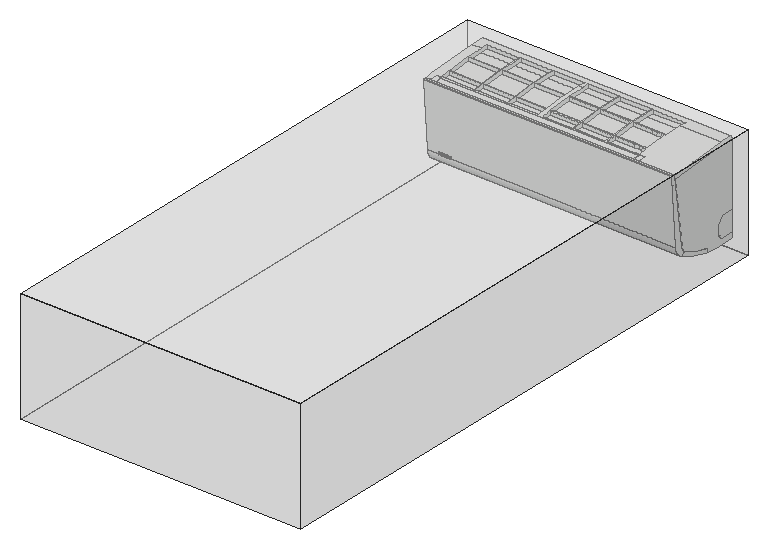
Revit family "outputfile", category 機械設備, Revit 2024
Family settings
  丸型コネクタ寸法 = 半径を使用
  パーツ タイプ = 標準
  OmniClass 番号 = 23.75.10.24.21.27.27
  OmniClass タイトル = Split System Air Conditioning Units
  作業面ベース = いいえ
  常に垂直 = はい
  ロード時にボイドで切り取り = いいえ
  注釈の向きを維持 = いいえ
  共有 = いいえ
  部屋計算ポイント = いいえ
Parameters (values of type "FTKF35CV1MF")
  Description = ""
  書き出し IFC クラス(タイプ) = "IfcUnitaryEquipmentType"
  定義済み IFC タイプ(タイプ) = "AIRCONDITIONINGUNIT"
  Cost = 0
  Type Comments = ""
  Keynote = ""
  Type Image = (empty or 0)
  Assembly Code = ""
  switch_frequency = yes
  lw_connection [instance] = if(Width = 730.0 mm, 85.0 mm, if(Width = 770.0 mm, 48.0 mm, 60.0 mm))  # 48.0 mm
  製造元 = "Daikin"
  モデル = "FTKF35CV1MF"
  r_Liquid Pipe Size = Liquid Pipe Size / 2  # 3.2 mm
  r_Gas Pipe Size = Gas Pipe Size / 2  # 4.75 mm
  r_Drain Pipe Size = Drain Pipe Size / 2  # 9.55 mm
  lw_powersupply [instance] = if(Width = 730.0 mm, if(or(Rear Right Connection_refrigerant, Bottom Right Connection_refrigerant), 65.0 mm, if(or(Rear Left Connection_refrigerant, Bottom Left Connection_refrigerant), 695.0 mm, 400.0 mm)), if(Width = 770.0 mm, if(or(Rear Right Connection_refrigerant, Bottom Right Connection_refrigerant), 68.0 mm, if(or(Rear Left Connection_refrigerant, Bottom Left Connection_refrigerant), 705.0 mm, 400.0 mm)), if(or(Rear Right Connection_refrigerant, Bottom Right Connection_refrigerant), 83.0 mm, if(or(Rear Left Connection_refrigerant, Bottom Left Connection_refrigerant), 928.0 mm, 400.0 mm))))  # 400.0 mm
  lw_liquidpipe [instance] = if(Width = 730.0 mm, if(or(Rear Right Connection_refrigerant, Bottom Right Connection_refrigerant), 0.0 mm, if(or(Rear Left Connection_refrigerant, Bottom Left Connection_refrigerant), 582.0 mm, 473.0 mm)), if(Width = 770.0 mm, if(or(Rear Right Connection_refrigerant, Bottom Right Connection_refrigerant), 0.0 mm, if(or(Rear Left Connection_refrigerant, Bottom Left Connection_refrigerant), 682.0 mm, 385.0 mm)), if(or(Rear Right Connection_refrigerant, Bottom Right Connection_refrigerant), 10.0 mm, if(or(Rear Left Connection_refrigerant, Bottom Left Connection_refrigerant), 858.0 mm, 435.0 mm))))  # 385.0 mm
  lw_gaspipe [instance] = if(Width = 730.0 mm, if(or(Rear Right Connection_refrigerant, Bottom Right Connection_refrigerant), 0.0 mm, if(or(Rear Left Connection_refrigerant, Bottom Left Connection_refrigerant), 576.0 mm, 428.0 mm)), if(Width = 770.0 mm, if(or(Rear Right Connection_refrigerant, Bottom Right Connection_refrigerant), 0.0 mm, if(or(Rear Left Connection_refrigerant, Bottom Left Connection_refrigerant), 675.0 mm, 335.0 mm)), if(or(Rear Right Connection_refrigerant, Bottom Right Connection_refrigerant), 0.0 mm, if(or(Rear Left Connection_refrigerant, Bottom Left Connection_refrigerant), 851.0 mm, 400.0 mm))))  # 335.0 mm
  lw_drainpipe [instance] = if(Width = 730.0 mm, if(or(Rear Right Connection_refrigerant, Bottom Right Connection_refrigerant), 0.0 mm, if(or(Rear Left Connection_refrigerant, Bottom Left Connection_refrigerant), 590.0 mm, 488.0 mm)), if(Width = 770.0 mm, if(or(Rear Right Connection_refrigerant, Bottom Right Connection_refrigerant), 0.0 mm, if(or(Rear Left Connection_refrigerant, Bottom Left Connection_refrigerant), 695.0 mm, 440.0 mm)), if(or(Rear Right Connection_refrigerant, Bottom Right Connection_refrigerant), 0.0 mm, if(or(Rear Left Connection_refrigerant, Bottom Left Connection_refrigerant), 888.0 mm, 475.0 mm))))  # 440.0 mm
  l_powersupply_length [instance] = if(Width = 730.0 mm, if(Right Connection_refrigerant, 400.0 mm, if(Left Connection_refrigerant, 330.0 mm, if(or(Bottom Left Connection_refrigerant, Bottom Right Connection_refrigerant), 57.0 mm, if(or(Rear Left Connection_refrigerant, Rear Right Connection_refrigerant), 15.0 mm, 50.0 mm)))), if(Width = 770.0 mm, if(Right Connection_refrigerant, 400.0 mm, if(Left Connection_refrigerant, 370.0 mm, if(or(Bottom Left Connection_refrigerant, Bottom Right Connection_refrigerant), 57.0 mm, if(or(Rear Left Connection_refrigerant, Rear Right Connection_refrigerant), 15.0 mm, 50.0 mm)))), if(Right Connection_refrigerant, 400.0 mm, if(Left Connection_refrigerant, 590.0 mm, if(or(Bottom Left Connection_refrigerant, Bottom Right Connection_refrigerant), 57.0 mm, if(or(Rear Left Connection_refrigerant, Rear Right Connection_refrigerant), 15.0 mm, 50.0 mm))))))  # 400.0 mm
  l_liquidpipe_length [instance] = if(Width = 730.0 mm, if(Right Connection_refrigerant, 558.0 mm, if(Left Connection_refrigerant, 172.0 mm, if(or(Bottom Left Connection_refrigerant, Bottom Right Connection_refrigerant), 48.0 mm, if(or(Rear Left Connection_refrigerant, Rear Right Connection_refrigerant), 30.0 mm, 40.0 mm)))), if(Width = 770.0 mm, if(Right Connection_refrigerant, 433.0 mm, if(Left Connection_refrigerant, 337.0 mm, if(or(Bottom Left Connection_refrigerant, Bottom Right Connection_refrigerant), 48.0 mm, if(or(Rear Left Connection_refrigerant, Rear Right Connection_refrigerant), 30.0 mm, 40.0 mm)))), if(Right Connection_refrigerant, 495.0 mm, if(Left Connection_refrigerant, 495.0 mm, if(or(Bottom Left Connection_refrigerant, Bottom Right Connection_refrigerant), 48.0 mm, if(or(Rear Left Connection_refrigerant, Rear Right Connection_refrigerant), 30.0 mm, 40.0 mm))))))  # 433.0 mm
  l_gaspipe_length [instance] = if(Width = 730.0 mm, if(Right Connection_refrigerant, 513.0 mm, if(Left Connection_refrigerant, 217.0 mm, if(or(Bottom Left Connection_refrigerant, Bottom Right Connection_refrigerant), 57.0 mm, if(or(Rear Left Connection_refrigerant, Rear Right Connection_refrigerant), 40.0 mm, 50.0 mm)))), if(Width = 770.0 mm, if(Right Connection_refrigerant, 383.0 mm, if(Left Connection_refrigerant, 387.0 mm, if(or(Bottom Left Connection_refrigerant, Bottom Right Connection_refrigerant), 57.0 mm, if(or(Rear Left Connection_refrigerant, Rear Right Connection_refrigerant), 40.0 mm, 50.0 mm)))), if(Right Connection_refrigerant, 460.0 mm, if(Left Connection_refrigerant, 530.0 mm, if(or(Bottom Left Connection_refrigerant, Bottom Right Connection_refrigerant), 57.0 mm, if(or(Rear Left Connection_refrigerant, Rear Right Connection_refrigerant), 40.0 mm, 50.0 mm))))))  # 383.0 mm
  l_drainpipe_length [instance] = if(Width = 730.0 mm, if(Right Connection_refrigerant, 573.0 mm, if(Left Connection_refrigerant, 157.0 mm, if(or(Bottom Left Connection_refrigerant, Bottom Right Connection_refrigerant), 35.0 mm, if(or(Rear Left Connection_refrigerant, Rear Right Connection_refrigerant), 15.0 mm, 20.0 mm)))), if(Width = 770.0 mm, if(Right Connection_refrigerant, 488.0 mm, if(Left Connection_refrigerant, 282.0 mm, if(or(Bottom Left Connection_refrigerant, Bottom Right Connection_refrigerant), 35.0 mm, if(or(Rear Left Connection_refrigerant, Rear Right Connection_refrigerant), 15.0 mm, 20.0 mm)))), if(Right Connection_refrigerant, 535.0 mm, if(Left Connection_refrigerant, 455.0 mm, if(or(Bottom Left Connection_refrigerant, Bottom Right Connection_refrigerant), 35.0 mm, if(or(Rear Left Connection_refrigerant, Rear Right Connection_refrigerant), 15.0 mm, 20.0 mm))))))  # 488.0 mm
  h*** = 0.0 mm  # constant formula
  connector_voltage = Voltage_50Hz  # 230 V
  connector_powerinput = [Power Input (Cooling)]  # 1.175 kW
  connector_phase = Phase_50Hz  # 1
  angle_vertical [instance] = if(or(Bottom Left Connection_refrigerant, Bottom Right Connection_refrigerant), 0.00°, 90.00°)  # 90.00°
  angle_horizontal [instance] = if(Right Connection_refrigerant, 90.00°, if(Left Connection_refrigerant, -90.00°, if(or(Rear Left Connection_refrigerant, Rear Right Connection_refrigerant), 180.00°, 0.00°)))  # 90.00°
  Width = 770.0 mm
  Voltage_comment_50Hz = "220 - 240"
  Voltage_50Hz = 230 V
  Version = "ver.1.0"
  Unit Type = "Wall Mounted"
  Unit Mass Weight = 9.00 kg
  Unit Designation [instance] = ""
  Uniclass2015Version = "Products v1.30"
  Uniclass2015Title = "Split coil room air conditioning units"
  Uniclass2015Code = "Pr_70_65_03_86"
  URL = ""
  Total Cooling Capacity [instance] = 0.000 kW
  Sound Pressure Level_M speed (dBA) = 34
  Sound Pressure Level_L speed (dBA) = 26
  Sound Pressure Level_H speed (dBA) = 39
  Sound Power Level_H speed (dB) = 0
  Series = "Single Split_Fan Coil Unit"
  Sensible Cooling Capacity [instance] = 0.000 kW
  Refrigerant Type = "R32"
  Power Input (Cooling) = 1.175 kW
  Phase_50Hz = 1
  Option Accessory 3 [instance] = ""
  Option Accessory 2 [instance] = ""
  Option Accessory 1 [instance] = ""
  Nominal Cooling Capacity = 3.600 kW
  Minimum Circuit Amps_50Hz = 10.5 A
  Minimum Airflow = 425.00 m³/h
  Median Airflow = 561.00 m³/h
  Maximum Fuse Amps_50Hz = 16.0 A
  Maximum Airflow = 680.00 m³/h
  Material_Casing = DAIKIN_White_Casing_indoorunit
  Load Classification = HVAC
  Liquid Pipe Size = 6.4 mm
  Link_Nested Family [instance] = ""
  IfcVersion = ""
  IfcExportType = "AIRCONDITIONINGUNIT"
  IfcExportAs = "IfcUnitaryEquipmentType"
  Height = 288.0 mm
  Heat Exchanger Type = "Cross Fin Coil"
  Gas Pipe Size = 9.5 mm
  Frequency_50Hz = 50 Hz
  Fan Type = "Cross Flow Fan"
  Fan Drive = "Direct Drive"
  FCU Tag No. [instance] = ""
  Drain Pipe Size = 19.1 mm
  Design Supply Airflow [instance] = 0.00 m³/h
  Depth = 234.0 mm
  既定の高さ = 0.0 mm
  Cooling Entering Wet Bulb Temperature [instance] = 0.00 °C
  Cooling Entering Dry Bulb Temperature [instance] = 0.00 °C
  Cooling Ambient Wet Bulb Temperature [instance] = 0.00 °C
  Cooling Ambient Dry Bulb Temperature [instance] = 0.00 °C
  Clearance visibility [instance] = yes
  Clearance Top = 30.0 mm
  Clearance Right = 50.0 mm
  Clearance Rear = 0.0 mm
  Clearance Left = 50.0 mm
  Clearance Front = 1500.0 mm
  Clearance Bottom = 30.0 mm
  Bottom Right Connection_refrigerant [instance] = no
  Bottom Left Connection_refrigerant [instance] = no
  Rear Right Connection_refrigerant [instance] = no
  Rear Left Connection_refrigerant [instance] = no
  Right Connection_refrigerant [instance] = yes
  Left Connection_refrigerant [instance] = no
Reference planes
  plane 1 "Back": y = 0
  plane 2: z = 0
  plane 3 "Center (Left/Right)": x = 0
  plane 4 "Center (Front/Back)": y = -117
  plane 5 "Front": y = -234
  plane 6 "Left": x = -385
  plane 7 "Right": x = 385
  plane 8 "Top": z = 0
  plane 9 "Bottom": z = -288
  plane 10 "Front panel_Left": x = -383
  plane 11 "Front panel_Right": x = 383
  plane 12: x = 249
  plane 13: x = 244
  plane 14: x = -435
  plane 15: x = 435
  plane 16: y = 0
  plane 17: y = -1734
  plane 18: z = 30
  plane 19: z = -318
  plane 20 "lw_Piping and Wiring intake": x = 337
  plane 21 "lw_gaspipe": x = 2
  plane 22 "lw_liquidpipe": x = -48
  plane 23 "lw_drainpipe": x = -103
  plane 24 "lh_drainpipe": z = -253
  plane 25 "lh_liquidpipe": z = -240
  plane 26 "lh_gaspipe": z = -231
  plane 27 "ld_drainpipe": y = -15
  plane 28 "ld_liquidpipe": y = -30
  plane 29 "ld_gaspipe": y = -40
  plane 30 "lw_powersupply": x = -15
Dimensions and locks
  equal spacing: plane 6 "Left", plane 3 "Center (Left/Right)", plane 7 "Right"
  "Width": plane 6 "Left" to plane 7 "Right"
  equal spacing: plane 5 "Front", plane 4 "Center (Front/Back)", plane 1 "Back"
  "Depth": plane 5 "Front" to plane 1 "Back"
  "Height": plane 8 "Top" to plane 9 "Bottom"
  locked: plane 10 "Front panel_Left" to plane 6 "Left" at 2
  locked: plane 7 "Right" to plane 11 "Front panel_Right" at 2
  locked: plane 7 "Right" to plane 12 at 136
  locked: plane 12 to plane 13 at 5
  "Clearance Rear": plane 16 to plane 1 "Back"
  "Clearance Front": plane 17 to plane 5 "Front"
  "Clearance Top": plane 18 to plane 8 "Top"
  "Clearance Bottom": plane 9 "Bottom" to plane 19
  "lw_connection": plane 20 "lw_Piping and Wiring intake" to plane 7 "Right"
  "lw_gaspipe": plane 21 "lw_gaspipe" to plane 20 "lw_Piping and Wiring intake"
  "lw_liquidpipe": plane 22 "lw_liquidpipe" to plane 20 "lw_Piping and Wiring intake"
  "lw_drainpipe": plane 23 "lw_drainpipe" to plane 20 "lw_Piping and Wiring intake"
  locked: plane 24 "lh_drainpipe" to plane 9 "Bottom" at 35
  locked: plane 25 "lh_liquidpipe" to plane 9 "Bottom" at 48
  locked: plane 26 "lh_gaspipe" to plane 9 "Bottom" at 57
  locked: plane 27 "ld_drainpipe" to plane 1 "Back" at 15
  locked: plane 1 "Back" to plane 28 "ld_liquidpipe" at 30
  locked: plane 1 "Back" to plane 29 "ld_gaspipe" at 40
  "lw_powersupply": plane 30 "lw_powersupply" to plane 7 "Right"
  "Clearance Left": plane 14 to plane 6 "Left"
  "Clearance Right": plane 7 "Right" to plane 15
  aligned and locked: level to plane 2
  aligned and locked: plane 19 to nested 1
  aligned and locked: plane 18 to nested 1
  aligned and locked: plane 21 "lw_gaspipe" to nested 2
  aligned and locked: nested 2 to plane 29 "ld_gaspipe"
  aligned and locked: plane 22 "lw_liquidpipe" to nested 3
  aligned and locked: nested 3 to plane 28 "ld_liquidpipe"
  aligned and locked: plane 23 "lw_drainpipe" to nested 4
  aligned and locked: nested 4 to plane 27 "ld_drainpipe"
  aligned and locked: nested 5 to plane 27 "ld_drainpipe"
  aligned and locked: plane 30 "lw_powersupply" to nested 5
  aligned and locked: level to plane 8 "Top"
  aligned and locked: nested 1 to plane 14
  aligned and locked: nested 1 to plane 15
  aligned and locked: plane 16 to nested 1
  aligned and locked: nested 1 to plane 17
Nested families
  nested 1: "daikin_clearancespace" at (0, -867, -143.881), show <- "Clearance visibility", visible <- "Clearance visibility", Link_Nested Family <- "Link_Nested Family", type "daikin_clearancespace"
    with width 870.0 mm, show yes, height 348.0 mm, depth 1734.0 mm, Link_Nested Family ""
  nested 2: "daikin_connector_rotate3" at (2, -40, -231), angle_vertical <- "angle_vertical", angle_horizontal <- "angle_horizontal", length <- "l_gaspipe_length", radius <- "r_Gas Pipe Size", type "daikin_connector_rotate3"
    with show no, radius 4.75 mm, length 383.0 mm, angle_vertical 90.00°, angle_horizontal 90.00°
  nested 3: "daikin_connector_rotate3" at (-48, -30, -240), angle_vertical <- "angle_vertical", angle_horizontal <- "angle_horizontal", radius <- "r_Liquid Pipe Size", length <- "l_liquidpipe_length", type "daikin_connector_rotate3"
    with show no, radius 3.2 mm, length 433.0 mm, angle_vertical 90.00°, angle_horizontal 90.00°
  nested 4: "daikin_connector_rotate3" at (-103, -15, -253), angle_vertical <- "angle_vertical", angle_horizontal <- "angle_horizontal", length <- "l_drainpipe_length", radius <- "r_Drain Pipe Size", type "daikin_connector_rotate3"
    with show no, radius 9.55 mm, length 488.0 mm, angle_vertical 90.00°, angle_horizontal 90.00°
  nested 5: "daikin_connector_rotate3" at (-15, -15, -231), angle_vertical <- "angle_vertical", angle_horizontal <- "angle_horizontal", length <- "l_powersupply_length", type "daikin_connector_rotate3"
    with show no, radius 10.0 mm, length 400.0 mm, angle_vertical 90.00°, angle_horizontal 90.00°
  nested 6: "DAIKIN_indoorunit_FTKF-CV1MF" at (-31, 0, 0), type "FTKF-CV1MF"
    with switch_unit1_35-50 yes, switch_unit1_20-25 no, Width 770.0 mm, WALL HOLE-R 48.0 mm, Height 288.0 mm
Connectors
  piping at (385, -40, -231), diameter 9.5, driven by "r_Gas Pipe Size"
    settings: on nested 2, index 1, connector inside diameter 609.6 mm, connector length 0.0 mm, flow factor 0, pipe flow 0.00 m³/h, pressure drop 0.0 Pa, fitting loss kfactor 0, connector angle 0.00°, fixture units 0, engagement length 0.0 mm, angle of deflection 0.00°, flow configuration 1, flow direction 2, fitting loss method 0, system type 29, joint type 0, gender type 0, connector reference index -1, connector utility 0, adjustable connector no, is connector primary yes, connector description "Refrigerant Gas Piping"
  piping at (385, -30, -240), diameter 6.4, driven by "r_Liquid Pipe Size"
    settings: on nested 3, index 2, connector inside diameter 609.6 mm, connector length 0.0 mm, flow factor 0, pipe flow 0.00 m³/h, pressure drop 0.0 Pa, fitting loss kfactor 0, connector angle 0.00°, fixture units 0, engagement length 0.0 mm, angle of deflection 0.00°, flow configuration 1, flow direction 1, fitting loss method 0, system type 29, joint type 0, gender type 0, connector reference index -1, connector utility 0, adjustable connector no, is connector primary no, connector description "Refrigerant Liquid Piping"
  piping at (385, -15, -253), diameter 19.1, driven by "r_Drain Pipe Size"
    settings: on nested 4, index 3, connector inside diameter 609.6 mm, connector length 0.0 mm, flow factor 0, pipe flow 0.00 m³/h, pressure drop 0.0 Pa, fitting loss kfactor 0, connector angle 0.00°, fixture units 0, engagement length 0.0 mm, angle of deflection 0.00°, flow configuration 1, flow direction 2, fitting loss method 4, system type 16, joint type 0, gender type 0, connector reference index -1, connector utility 0, adjustable connector no, is connector primary no, connector description "Condensate Drain Piping"
  electrical at (385, -15, -231), driven by "Load Classification", driven by "connector_powerinput", driven by "connector_phase", driven by "connector_voltage"
    settings: on nested 5, index 4, voltage 230 V, apparent load 1175 VA, apparent load phase1 0 VA, apparent load phase2 0 VA, apparent load phase3 0 VA, power factor 1, load classification "HVAC", number of poles 1, system type 30, power factor state 1, is connector primary yes, connector utility no, sub classification motor no, connector description "Power Supply"
Definition of nested family "daikin_clearancespace"
  Parameters (values of type "daikin_clearancespace")
    Description = "daikin_clearancespace"
    width [instance] = 1823.963 mm
    show [instance] = yes
    material = none
    height [instance] = 1359.762 mm
    depth [instance] = 880.0 mm
    Default Elevation = 0.0 mm
    Link_Nested Family [instance] = ""
  Reference planes
    plane 1 "Center (Front/Back)": y = 0
    plane 2 "Center (Elevation)": z = -0.119
    plane 3 "Center (Left/Right)": x = 0
    plane 4: y = 440
    plane 5: y = -440
    plane 6 "Right": x = 911.982
    plane 7 "Left": x = -911.982
    plane 8 "Top": z = 679.762
    plane 9 "Bottom": z = -680
  Forms (mm)
    Extrusion 1, solid, material <- "material", visible <- "show"
      sketch origin (0, 0, 0) x (1, 0, 0) y (0, 1, 0)
        loop
          line (-911.982, 440) -> (-911.982, -440) -> (911.982, -440) -> (911.982, 440) -> (-911.982, 440)
      from -680 to 679.762
  Lines and regions (mm)
    symbolic lines, visible <- "show"
      curve 1: line (911.982, 440, 0) -> (-911.982, 440, 0)
      curve 2: line (-911.982, 440, 0) -> (-911.982, -440, 0)
      curve 3: line (-911.982, -440, 0) -> (911.982, -440, 0)
      curve 4: line (911.982, -440, 0) -> (911.982, 440, 0)
      curve 5: line (911.982, 0, 679.762) -> (-911.982, 0, 679.762)
      curve 6: line (911.982, 0, -680) -> (911.982, 0, 679.762)
      curve 7: line (-911.982, 0, -680) -> (911.982, 0, -680)
      curve 8: line (-911.982, 0, 679.762) -> (-911.982, 0, -680)
      curve 9: line (0, 440, 679.762) -> (0, -440, 679.762)
      curve 10: line (0, -440, 679.762) -> (0, -440, -680)
      curve 11: line (0, 440, -680) -> (0, 440, 679.762)
      curve 12: line (0, -440, -680) -> (0, 440, -680)
  Dimensions and locks
    "width": plane 7 "Left" to plane 6 "Right"
    "depth": plane 4 to plane 5
    "height": plane 8 "Top" to plane 9 "Bottom"
    equal spacing: plane 7 "Left", plane 3 "Center (Left/Right)", plane 6 "Right"
    equal spacing: plane 4, plane 1 "Center (Front/Back)", plane 5
    equal spacing: plane 8 "Top", plane 2 "Center (Elevation)", plane 9 "Bottom"
    aligned and locked: level to plane 2 "Center (Elevation)"
    aligned and locked: Extrusion 1 sketch curve to plane 4
    aligned and locked: plane 7 "Left" to Extrusion 1 sketch curve
    aligned and locked: Extrusion 1 sketch curve to plane 5
    aligned and locked: Extrusion 1 sketch curve to plane 6 "Right"
    aligned and locked: plane 8 "Top" to Extrusion 1
    aligned and locked: curve 1 to Extrusion 1
    aligned and locked: curve 2 to Extrusion 1
    aligned and locked: curve 3 to Extrusion 1
    aligned and locked: curve 4 to Extrusion 1
    aligned and locked: curve 5 to Extrusion 1
    aligned and locked: curve 6 to Extrusion 1
    aligned and locked: curve 7 to Extrusion 1
    aligned and locked: curve 8 to Extrusion 1
    aligned and locked: curve 9 to Extrusion 1
    aligned and locked: curve 10 to Extrusion 1
    aligned and locked: curve 11 to Extrusion 1
    aligned and locked: curve 12 to Extrusion 1
    aligned and locked: Extrusion 1 to plane 9 "Bottom"
Definition of nested family "DAIKIN_indoorunit_FTKF-CV1MF"
  Parameters (values of type "FTKF-CV1MF")
    switch_unit1_60-71 = Width = 990.0 mm  # no
    switch_unit1_35-50 = Width = 770.0 mm  # no
    switch_unit1_20-25 = Width = 730.0 mm  # yes
    Width = 730.0 mm
    WALL HOLE-R = if(Width = 730.0 mm, 79.0 mm, 48.0 mm)  # 79.0 mm
    Material_Casing = none
    Height = if(Width = 730.0 mm, 280.0 mm, if(Width = 770.0 mm, 288.0 mm, 297.0 mm))  # 280.0 mm
    Default Elevation = 0.0 mm
  Reference planes
    plane 1 "Center (Front/Back)": y = 0
    plane 2 "reference_level": z = 0
    plane 3 "Center (Left/Right)": x = 31
    plane 4: x = -334
    plane 5: x = 396
    plane 6: z = -280
  Forms (mm)
    Extrusion 1, solid, material <- "Material_Casing", visible <- "switch_unit1_20-25"
      sketch origin (31, 0, 0) x (0, 1, 0) y (0, 0, 1)
        loop
          line (-109.519, -8) -> (-2.596, -8) -> (-8.198, 0) -> (-109.608, 0)
          arc (-109.608, 0) -> (-157.226, -5.2) -> (-202.599, -20.555) r 220.623
          line (-202.599, -20.555) -> (-202.447, -29.25)
          arc (-202.447, -29.25) -> (-157.182, -13.38) -> (-109.519, -8) r 213.82
      from -365 to 365
    Extrusion 2, solid, material <- "Material_Casing", visible <- "switch_unit1_20-25"
      sketch origin (416, 1304.033, 1200.206) x (0, 1, 0) y (0, 0, 1)
        loop
          arc (-1496.513, -1423.164) -> (-1487.225, -1434.204) -> (-1476.373, -1443.711) r 95
          arc (-1476.373, -1443.711) -> (-1448.371, -1461.92) -> (-1418.191, -1476.232) r 250
          line (-1418.191, -1476.232) -> (-1418.191, -1465.318)
          arc (-1418.191, -1465.318) -> (-1445.052, -1452.134) -> (-1470.063, -1435.711) r 240
          arc (-1470.063, -1435.711) -> (-1477.766, -1429.186) -> (-1484.641, -1421.794) r 85
          line (-1484.641, -1421.794) -> (-1496.513, -1423.164)
      from -20 to -177
    Extrusion 3, solid, material <- "Material_Casing", visible <- "switch_unit1_20-25"
      sketch origin (31, 0, 0) x (0, 1, 0) y (0, 0, 1)
        loop
          line (-202.769, -10.816) -> (-211.618, -13.692)
          arc (-211.618, -13.692) -> (-212.628, -14.432) -> (-213, -15.629) r 2
          line (-213, -15.629) -> (-210.348, -167.5)
          arc (-210.348, -167.5) -> (-206.029, -195.818) -> (-193.465, -221.562) r 95
          line (-193.465, -221.562) -> (-181.653, -220.199)
          arc (-181.653, -220.199) -> (-195.31, -195.356) -> (-200.037, -167.403) r 85
          line (-200.037, -167.403) -> (-202.769, -10.816)
      from -365 to 365
    Extrusion 4, solid, material <- "Material_Casing", visible <- "switch_unit1_20-25"
      sketch origin (31, 0, 0) x (0, 1, 0) y (0, 0, 1)
        loop
          line (0, -280) -> (0, -11.707) -> (-2.596, -8) -> (-109.519, -8)
          arc (-109.519, -8) -> (-156.378, -13.198) -> (-200.959, -28.539) r 213.82
          line (-200.959, -28.539) -> (-198.537, -167.295)
          arc (-198.537, -167.295) -> (-189.766, -204.754) -> (-165.131, -234.305) r 83.5
          arc (-165.131, -234.305) -> (-139.841, -250.873) -> (-112.659, -264.109) r 238.5
          line (-112.659, -264.109) -> (-112.659, -276.338)
          arc (-112.659, -276.338) -> (-100.834, -279.079) -> (-88.731, -280) r 80
          line (-88.731, -280) -> (0, -280)
      from -365 to 365
    Extrusion 5, solid, material <- "Material_Casing", visible <- "switch_unit1_20-25"
      sketch origin (-354, 1304.033, 1200.206) x (0, 1, 0) y (0, 0, 1)
        loop
          arc (-1496.513, -1423.164) -> (-1487.225, -1434.204) -> (-1476.373, -1443.711) r 95
          arc (-1476.373, -1443.711) -> (-1448.371, -1461.92) -> (-1418.191, -1476.232) r 250
          line (-1418.191, -1476.232) -> (-1418.191, -1465.318)
          arc (-1418.191, -1465.318) -> (-1445.052, -1452.134) -> (-1470.063, -1435.711) r 240
          arc (-1470.063, -1435.711) -> (-1477.766, -1429.186) -> (-1484.641, -1421.794) r 85
          line (-1484.641, -1421.794) -> (-1496.513, -1423.164)
      from 72 to 20
    Extrusion 6, solid, material <- "Material_Casing", visible <- "switch_unit1_20-25"
      sketch origin (31, 7.782, 0.206) x (0, 1, 0) y (0, 0, 1)
        loop
          line (-188.39, -221.794) -> (-200.262, -223.164)
          arc (-200.262, -223.164) -> (-190.975, -234.204) -> (-180.122, -243.711) r 95
          arc (-180.122, -243.711) -> (-152.12, -261.92) -> (-121.941, -276.232) r 250
          line (-121.941, -276.232) -> (-121.941, -265.318)
          arc (-121.941, -265.318) -> (-148.801, -252.134) -> (-173.813, -235.711) r 240
          arc (-173.813, -235.711) -> (-181.515, -229.186) -> (-188.39, -221.794) r 85
      from 204 to -309
    Extrusion 7, void
      sketch origin (31, 0, -235) x (1, 0, 0) y (0, 1, 0)
        loop
          line (-324.633, -72.419) -> (-304, -73.5) -> (-234.9, -73.5) -> (-234.9, -24.5) -> (-324.633, -24.5) -> (-324.633, -72.419)
        loop
          line (-304, -74.9) -> (-324.633, -75.939) -> (-324.633, -139.819) -> (-304, -140.9) -> (-234.9, -140.9) -> (-234.9, -74.9) -> (-304, -74.9)
        loop
          line (-304, -142.3) -> (-324.633, -143.326) -> (-324.633, -182.209) -> (-300, -183.5) -> (-234.9, -183.5) -> (-234.9, -142.3) -> (-304, -142.3)
        loop
          line (-233.5, -142.3) -> (-233.5, -183.5) -> (-146.9, -183.5) -> (-146.9, -142.3) -> (-233.5, -142.3)
        loop
          line (-233.5, -140.9) -> (-146.9, -140.9) -> (-146.9, -74.9) -> (-233.5, -74.9) -> (-233.5, -140.9)
        loop
          line (-233.5, -73.5) -> (-146.9, -73.5) -> (-146.9, -24.5) -> (-233.5, -24.5) -> (-233.5, -73.5)
        loop
          line (-145.5, -73.5) -> (-74.9, -73.5) -> (-54.9, -72.452) -> (-54.9, -24.5) -> (-145.5, -24.5) -> (-145.5, -73.5)
        loop
          line (-145.5, -74.9) -> (-145.5, -140.9) -> (-74.9, -140.9) -> (-54.9, -139.852) -> (-54.9, -75.948) -> (-74.9, -74.9) -> (-145.5, -74.9)
        loop
          line (-145.5, -142.3) -> (-145.5, -183.5) -> (-74.9, -183.5) -> (-54.9, -182.452) -> (-54.9, -143.348) -> (-74.9, -142.3) -> (-145.5, -142.3)
        loop
          line (-53.5, -24.5) -> (-53.5, -72.452) -> (-33.5, -73.5) -> (36.5, -73.5) -> (36.5, -24.5) -> (-53.5, -24.5)
        loop
          line (-53.5, -75.948) -> (-53.5, -139.852) -> (-33.5, -140.9) -> (36.5, -140.9) -> (36.5, -74.9) -> (-33.5, -74.9) -> (-53.5, -75.948)
        loop
          line (-33.5, -142.3) -> (-53.5, -143.348) -> (-53.5, -182.452) -> (-33.5, -183.5) -> (36.5, -183.5) -> (36.5, -142.3) -> (-33.5, -142.3)
        loop
          line (37.9, -24.5) -> (37.9, -73.5) -> (124.9, -73.5) -> (124.9, -24.5) -> (37.9, -24.5)
        loop
          line (37.9, -74.9) -> (37.9, -140.9) -> (124.9, -140.9) -> (124.9, -74.9) -> (37.9, -74.9)
        loop
          line (37.9, -142.3) -> (37.9, -183.5) -> (124.9, -183.5) -> (124.9, -142.3) -> (37.9, -142.3)
        loop
          line (126.3, -24.5) -> (126.3, -73.5) -> (195.6, -73.5) -> (216, -72.431) -> (216, -24.5) -> (126.3, -24.5)
        loop
          line (126.3, -74.9) -> (126.3, -140.9) -> (198.5, -140.9) -> (216, -139.983) -> (216, -75.817) -> (198.5, -74.9) -> (126.3, -74.9)
        loop
          line (126.3, -142.3) -> (126.3, -183.5) -> (198.337, -183.5) -> (216, -182.623) -> (216, -143.217) -> (198.5, -142.3) -> (126.3, -142.3)
      from 201.638 to 250
    Extrusion 8, solid, material <- "Material_Casing"
      sketch origin (31, 0, 0) x (1, 0, 0) y (0, 0, 1)
        loop
          circle (286, -235) r 40
        loop
          circle (-317, -235) r 40
      from 0 to 5
    Extrusion 9, solid, material <- "Material_Casing", visible <- "switch_unit1_20-25"
      sketch origin (396, 1296.25, 1200) x (0, -1, 0) y (0, 0, 1)
        loop
          line (1326.25, -1413) -> (1296.25, -1413) -> (1296.25, -1473) -> (1326.25, -1473)
          arc (1326.25, -1473) -> (1340.393, -1467.142) -> (1346.25, -1453) r 20
          line (1346.25, -1453) -> (1346.25, -1433)
          arc (1346.25, -1433) -> (1340.393, -1418.858) -> (1326.25, -1413) r 20
      from 0 to 5
    Extrusion 10, solid, material <- "Material_Casing", visible <- "switch_unit1_20-25"
      sketch origin (-334, 1296.25, 1200) x (0, 1, 0) y (0, 0, 1)
        loop
          line (-1296.25, -1413) -> (-1326.25, -1413)
          arc (-1326.25, -1413) -> (-1340.393, -1418.858) -> (-1346.25, -1433) r 20
          line (-1346.25, -1433) -> (-1346.25, -1453)
          arc (-1346.25, -1453) -> (-1340.393, -1467.142) -> (-1326.25, -1473) r 20
          line (-1326.25, -1473) -> (-1296.25, -1473) -> (-1296.25, -1413)
      from 0 to 5
    Extrusion 11, solid, material <- "Material_Casing", visible <- "switch_unit1_20-25"
      sketch origin (11, 0, -285) x (-1, 0, 0) y (0, -1, 0)
        loop
          line (-279, 0) -> (-279, 30)
          arc (-279, 30) -> (-284.419, 43.081) -> (-297.5, 48.5) r 18.5
          line (-297.5, 48.5) -> (-320.5, 48.5)
          arc (-320.5, 48.5) -> (-333.581, 43.081) -> (-339, 30) r 18.5
          line (-339, 30) -> (-339, 0) -> (-279, 0)
        loop
          line (326, 0) -> (326, 30)
          arc (326, 30) -> (320.581, 43.081) -> (307.5, 48.5) r 18.5
          line (307.5, 48.5) -> (284.5, 48.5)
          arc (284.5, 48.5) -> (271.419, 43.081) -> (266, 30) r 18.5
          line (266, 30) -> (266, 0) -> (326, 0)
      from 10 to 5
    Extrusion 12, solid, material <- "Material_Casing", visible <- "switch_unit1_35-50"
      sketch origin (31, 0, 0) x (0, 1, 0) y (0, 0, 1)
        loop
          line (-5, 0) -> (-45.84, 0)
          arc (-45.84, 0) -> (-135.906, -3.965) -> (-225.275, -15.831) r 1024.823
          arc (-225.275, -15.831) -> (-224.639, -21.302) -> (-223.878, -26.758) r 241.564
          arc (-223.878, -26.758) -> (-135.207, -14.947) -> (-45.84, -11) r 1013.66
          line (-45.84, -11) -> (0, -11) -> (0, -9.02) -> (-5, 0)
      from -385 to 385
    Extrusion 13, solid, material <- "Material_Casing", visible <- "switch_unit1_35-50"
      sketch origin (31, 0, 0) x (0, 1, 0) y (0, 0, 1)
        loop
          arc (-226.673, -12.416) -> (-229.519, -12.929) -> (-232.363, -13.449) r 1025.776
          arc (-232.363, -13.449) -> (-233.586, -14.198) -> (-233.994, -15.573) r 2
          line (-233.994, -15.573) -> (-218.08, -217.408)
          arc (-218.08, -217.408) -> (-211.296, -237.286) -> (-195.807, -251.472) r 42.415
          line (-195.807, -251.472) -> (-186.556, -243.946)
          arc (-186.556, -243.946) -> (-193.981, -235.221) -> (-197.648, -224.366) r 30.386
          line (-197.648, -224.366) -> (-226.673, -12.416)
      from -385 to 385
    Extrusion 14, void
      sketch origin (33, 0, 0) x (1, 0, 0) y (0, 1, 0)
        loop
          line (-357.499, -23.5) -> (-357.499, -96.7) -> (-255.999, -96.7) -> (-255.999, -23.5) -> (-357.499, -23.5)
        loop
          line (-255.999, -99.1) -> (-357.499, -99.1) -> (-357.499, -170.1) -> (-255.999, -170.1) -> (-255.999, -99.1)
        loop
          line (-255.999, -171.7) -> (-357.499, -171.7) -> (-357.499, -201.7) -> (-255.999, -201.7) -> (-255.999, -171.7)
        loop
          line (-253.399, -23.5) -> (-253.399, -96.7) -> (-153.899, -96.7) -> (-153.899, -23.5) -> (-253.399, -23.5)
        loop
          line (-253.399, -99.1) -> (-253.399, -170.1) -> (-153.899, -170.1) -> (-153.899, -99.1) -> (-253.399, -99.1)
        loop
          line (-153.899, -171.7) -> (-253.399, -171.7) -> (-253.399, -201.7) -> (-153.899, -201.7) -> (-153.899, -171.7)
        loop
          line (-56.549, -23.5) -> (-151.299, -23.5) -> (-151.299, -96.7) -> (-56.549, -96.7) -> (-56.549, -23.5)
        loop
          line (-151.299, -99.1) -> (-151.299, -170.1) -> (-56.549, -170.1) -> (-56.549, -99.1) -> (-151.299, -99.1)
        loop
          line (-56.549, -171.7) -> (-151.299, -171.7) -> (-151.299, -201.7) -> (-56.549, -201.7) -> (-56.549, -171.7)
        loop
          line (50.301, -23.5) -> (-44.549, -23.5) -> (-44.549, -96.7) -> (50.301, -96.7) -> (50.301, -23.5)
        loop
          line (-44.549, -99.1) -> (-44.549, -170.1) -> (50.301, -170.1) -> (50.301, -99.1) -> (-44.549, -99.1)
        loop
          line (50.301, -171.7) -> (-44.549, -171.7) -> (-44.549, -201.7) -> (50.301, -201.7) -> (50.301, -171.7)
        loop
          line (52.901, -23.5) -> (52.901, -96.7) -> (152.401, -96.7) -> (152.401, -23.5) -> (52.901, -23.5)
        loop
          line (52.901, -99.1) -> (52.901, -170.1) -> (152.401, -170.1) -> (152.401, -99.1) -> (52.901, -99.1)
        loop
          line (52.901, -171.7) -> (52.901, -201.7) -> (152.401, -201.7) -> (152.401, -171.7) -> (52.901, -171.7)
        loop
          line (155.001, -23.5) -> (155.001, -96.7) -> (256.501, -96.7) -> (256.501, -23.5) -> (155.001, -23.5)
        loop
          line (155.001, -99.1) -> (155.001, -170.1) -> (217.501, -170.1) -> (229.501, -170.1) -> (241.501, -170.1) -> (256.501, -170.1) -> (256.501, -152.1) -> (256.501, -134.1) -> (256.501, -116.1) -> (256.501, -99.1) -> (241.501, -99.1) -> (229.501, -99.1) -> (217.501, -99.1) -> (155.001, -99.1)
        loop
          line (155.001, -171.7) -> (155.001, -201.7) -> (217.501, -201.7) -> (229.501, -201.7) -> (241.501, -201.7) -> (256.501, -201.7) -> (256.501, -171.7) -> (241.501, -171.7) -> (229.501, -171.7) -> (217.501, -171.7) -> (155.001, -171.7)
      from -40.013 to 47.268
    Extrusion 15, solid, material <- "Material_Casing", visible <- "switch_unit1_35-50"
      sketch origin (-356, 1308.25, 1200) x (0, 1, 0) y (0, 0, -1)
        loop
          line (-1407.524, 1473.254) -> (-1407.524, 1484.154)
          arc (-1407.524, 1484.154) -> (-1456.679, 1472.122) -> (-1503.106, 1451.987) r 299.52
          line (-1503.106, 1451.987) -> (-1494.032, 1444.604)
          arc (-1494.032, 1444.604) -> (-1451.915, 1462.363) -> (-1407.524, 1473.254) r 288.723
      from -2 to -49.5
    Extrusion 16, solid, material <- "Material_Casing", visible <- "switch_unit1_35-50"
      sketch origin (418, 1308.25, 1200) x (0, 1, 0) y (0, 0, 1)
        loop
          arc (-1407.524, -1473.254) -> (-1451.915, -1462.363) -> (-1494.032, -1444.604) r 288.723
          line (-1494.032, -1444.604) -> (-1503.106, -1451.987)
          arc (-1503.106, -1451.987) -> (-1456.679, -1472.122) -> (-1407.524, -1484.154) r 299.52
          line (-1407.524, -1484.154) -> (-1407.524, -1473.254)
      from -2 to -119.5
    Extrusion 17, solid, material <- "Material_Casing", visible <- "switch_unit1_35-50"
      sketch origin (418, 1308.25, 1200) x (0, 1, 0) y (0, 0, 1)
        loop
          line (-1407.524, -1484.154) -> (-1407.524, -1473.254)
          arc (-1407.524, -1473.254) -> (-1451.915, -1462.363) -> (-1494.032, -1444.604) r 288.723
          line (-1494.032, -1444.604) -> (-1503.106, -1451.987)
          arc (-1503.106, -1451.987) -> (-1456.679, -1472.122) -> (-1407.524, -1484.154) r 299.52
      from -119.5 to -724.5
    Extrusion 18, solid, material <- "Material_Casing", visible <- "switch_unit1_35-50"
      sketch origin (31, 0, -30) x (0, 1, 0) y (0, 0, 1)
        loop
          arc (-45.84, 19) -> (-135.218, 15.052) -> (-223.901, 3.238) r 1013.66
          line (-223.901, 3.238) -> (-196.855, -194.257)
          arc (-196.855, -194.257) -> (-192.985, -205.344) -> (-185.107, -214.052) r 29.589
          arc (-185.107, -214.052) -> (-142.926, -231.76) -> (-98.473, -242.568) r 288.081
          line (-98.473, -242.568) -> (-98.525, -254.271)
          arc (-98.525, -254.271) -> (-75.337, -257.066) -> (-52, -258) r 292.099
          line (-52, -258) -> (0, -258) -> (0, 19) -> (-45.84, 19)
      from -385 to 385
    Extrusion 19, solid, material <- "Material_Casing", visible <- "switch_unit1_35-50"
      sketch origin (416, 1296.25, 1200) x (0, -1, 0) y (0, 0, 1)
        loop
          line (1329.05, -1409.6) -> (1296.25, -1409.6) -> (1296.25, -1469.6) -> (1329.05, -1469.6)
          arc (1329.05, -1469.6) -> (1342.627, -1463.976) -> (1348.25, -1450.4) r 19.2
          line (1348.25, -1450.4) -> (1348.25, -1428.8)
          arc (1348.25, -1428.8) -> (1342.627, -1415.224) -> (1329.05, -1409.6) r 19.2
      from 0 to 5
    Extrusion 20, solid, material <- "Material_Casing", visible <- "switch_unit1_35-50"
      sketch origin (-349, 1296.25, 1200) x (0, -1, 0) y (0, 0, 1)
        loop
          line (1329.05, -1409.6) -> (1296.25, -1409.6) -> (1296.25, -1469.6) -> (1329.05, -1469.6)
          arc (1329.05, -1469.6) -> (1342.627, -1463.976) -> (1348.25, -1450.4) r 19.2
          line (1348.25, -1450.4) -> (1348.25, -1428.8)
          arc (1348.25, -1428.8) -> (1342.627, -1415.224) -> (1329.05, -1409.6) r 19.2
      from 0 to 5
    Extrusion 21, solid, material <- "Material_Casing", visible <- "switch_unit1_35-50"
      sketch origin (31, 200, -288) x (-1, 0, 0) y (0, -1, 0)
        loop
          line (369, 200) -> (369, 232)
          arc (369, 232) -> (363.142, 246.142) -> (349, 252) r 20
          line (349, 252) -> (329, 252)
          arc (329, 252) -> (314.858, 246.142) -> (309, 232) r 20
          line (309, 232) -> (309, 200) -> (369, 200)
        loop
          line (-369, 200) -> (-309, 200) -> (-309, 232)
          arc (-309, 232) -> (-314.858, 246.142) -> (-329, 252) r 20
          line (-329, 252) -> (-349, 252)
          arc (-349, 252) -> (-363.142, 246.142) -> (-369, 232) r 20
          line (-369, 232) -> (-369, 200)
      from 0 to 5
    Extrusion 22, void
      sketch origin (0, 0, 0) x (1, 0, 0) y (0, 1, 0)
        loop
          line (-308, -185.757) -> (-308, -202.769) -> (262, -202.769) -> (262, -185.757) -> (-308, -185.757)
      from -35 to 0
    Extrusion 23, solid, material <- "Material_Casing", visible <- "switch_unit1_20-25"
      sketch origin (0, 0, 0) x (1, 0, 0) y (0, 1, 0)
        loop
          line (-308, -185.757) -> (-308, -202.757) -> (-293, -202.757) -> (-293, -185.757) -> (-308, -185.757)
        loop
          line (262, -185.757) -> (247, -185.757) -> (247, -202.757) -> (262, -202.757) -> (262, -185.757)
      from -35 to 0
    Extrusion 24, solid, material <- "Material_Casing", visible <- "switch_unit1_20-25"
      sketch origin (0, 0, 0) x (1, 0, 0) y (0, 1, 0)
        loop
          line (-293, -190.757) -> (-293, -202.757) -> (247, -202.757) -> (247, -190.757) -> (203.171, -190.757) -> (203.171, -194.257)
          arc (203.171, -194.257) -> (202.732, -195.318) -> (201.671, -195.757) r 1.5
          line (201.671, -195.757) -> (180.129, -195.757)
          arc (180.129, -195.757) -> (179.068, -195.318) -> (178.629, -194.257) r 1.5
          line (178.629, -194.257) -> (178.629, -190.757) -> (46.421, -190.757) -> (46.421, -194.257)
          arc (46.421, -194.257) -> (45.982, -195.318) -> (44.921, -195.757) r 1.5
          line (44.921, -195.757) -> (23.379, -195.757)
          arc (23.379, -195.757) -> (22.318, -195.318) -> (21.879, -194.257) r 1.5
          line (21.879, -194.257) -> (21.879, -190.757) -> (-68.079, -190.757) -> (-68.079, -194.257)
          arc (-68.079, -194.257) -> (-68.518, -195.318) -> (-69.579, -195.757) r 1.5
          line (-69.579, -195.757) -> (-91.121, -195.757)
          arc (-91.121, -195.757) -> (-92.182, -195.318) -> (-92.621, -194.257) r 1.5
          line (-92.621, -194.257) -> (-92.621, -190.757) -> (-224.829, -190.757) -> (-224.829, -194.257)
          arc (-224.829, -194.257) -> (-225.268, -195.318) -> (-226.329, -195.757) r 1.5
          line (-226.329, -195.757) -> (-247.871, -195.757)
          arc (-247.871, -195.757) -> (-248.932, -195.318) -> (-249.371, -194.257) r 1.5
          line (-249.371, -194.257) -> (-249.371, -190.757) -> (-293, -190.757)
      from -35 to 0
    Extrusion 25, void
      sketch origin (31, 0, 0) x (0, 1, 0) y (0, 0, 1)
        loop
          line (-185.757, -13.903) -> (-185.757, 0) -> (-205.202, 0) -> (-205.202, -21.715)
          arc (-205.202, -21.715) -> (-195.563, -17.601) -> (-185.757, -13.903) r 245
        loop
          line (-205.202, -30.526) -> (-205.202, -35) -> (-185.757, -35) -> (-185.757, -22.404)
          arc (-185.757, -22.404) -> (-195.57, -26.249) -> (-205.202, -30.526) r 237
      from 231 to -339
    Extrusion 26, void
      sketch origin (0, 0, 0) x (1, 0, 0) y (0, 1, 0)
        loop
          line (-341.401, -199.9) -> (-342.412, -238.673) -> (306.373, -238.673)
          spline (306.373, -238.673) -> (306.288, -235.451) -> (306.202, -232.228) -> (306.116, -229.002) -> (306.031, -225.775) -> (305.945, -222.546) -> (305.859, -219.316) -> (305.774, -216.084) -> (305.688, -212.85) -> (305.602, -209.615) -> (305.517, -206.378) -> (305.431, -203.14) -> (305.345, -199.9)
          line (305.345, -199.9) -> (290.148, -199.9) -> (290.015, -203.69) -> (-326.04, -203.69) -> (-326.173, -199.9) -> (-341.401, -199.9)
      from 0 to -34.101
    Extrusion 27, solid, material <- "Material_Casing", visible <- "switch_unit1_35-50"
      sketch origin (0, 0, 0) x (1, 0, 0) y (0, 1, 0)
        loop
          line (-324.05, -226.673) -> (-324.05, -203.69) -> (-326.04, -203.69) -> (-326.173, -199.9) -> (-341.401, -199.9) -> (-342.099, -226.673) -> (-324.05, -226.673)
        loop
          line (305.344, -199.9) -> (290.148, -199.9) -> (290.015, -203.69) -> (288.001, -203.69) -> (288.001, -226.673) -> (306.055, -226.673) -> (305.344, -199.9)
      from 0 to -30
    Extrusion 28, solid, material <- "Material_Casing", visible <- "switch_unit1_35-50"
      sketch origin (0, 0, 0) x (1, 0, 0) y (0, 1, 0)
        loop
          line (288.001, -203.69) -> (-324.05, -203.69) -> (-324.05, -226.673) -> (288.001, -226.673) -> (288.001, -203.69)
      from 0 to -30
    Extrusion 29, void
      sketch origin (31, 0, 0) x (0, 1, 0) y (0, 0, 1)
        loop
          arc (-223.878, -26.758) -> (-224.639, -21.302) -> (-225.275, -15.831) r 241.564
          arc (-225.275, -15.831) -> (-212.6, -13.659) -> (-199.9, -11.646) r 1024.823
          line (-199.9, -11.646) -> (-199.9, 0) -> (-238.673, 0) -> (-238.673, -30) -> (-199.9, -30) -> (-199.9, -22.776)
          arc (-199.9, -22.776) -> (-211.901, -24.695) -> (-223.878, -26.758) r 1013.66
      from -385 to 385
    Extrusion 30, void
      sketch origin (31, 12, 0) x (0, 1, 0) y (0, 0, 1)
        loop
          arc (-201.887, -254.601) -> (-173.585, -267.35) -> (-144.115, -277.1) r 299.52
          line (-144.115, -277.1) -> (-122.392, -277.1)
          arc (-122.392, -277.1) -> (-157.174, -267.937) -> (-190.58, -254.601) r 294.52
          line (-190.58, -254.601) -> (-201.887, -254.601)
      from 303 to 335
    Extrusion 31, solid, material <- "Material_Casing", visible <- "switch_unit1_35-50"
      sketch origin (31, 12, 0) x (0, 1, 0) y (0, 0, 1)
        loop
          arc (-201.887, -254.601) -> (-173.585, -267.35) -> (-144.115, -277.1) r 299.52
          line (-144.115, -277.1) -> (-122.392, -277.1)
          arc (-122.392, -277.1) -> (-157.174, -267.937) -> (-190.58, -254.601) r 294.52
          line (-190.58, -254.601) -> (-201.887, -254.601)
      from 303 to 335
    Extrusion 32, void
      sketch origin (31, 12, 0) x (0, 1, 0) y (0, 0, 1)
        loop
          arc (-197.929, -256.6) -> (-189.925, -260.422) -> (-181.811, -264.005) r 299.52
          line (-181.811, -264.005) -> (-173.896, -264.005)
          arc (-173.896, -264.005) -> (-182.522, -260.437) -> (-191.03, -256.6) r 296.52
          line (-191.03, -256.6) -> (-197.929, -256.6)
      from 308.25 to 329.75
    Extrusion 33, solid, material <- "Material_Casing", visible <- "switch_unit1_35-50"
      sketch origin (31, 12, 0) x (0, 1, 0) y (0, 0, 1)
        loop
          line (-191.03, -256.6) -> (-197.929, -256.6)
          arc (-197.929, -256.6) -> (-189.925, -260.422) -> (-181.811, -264.005) r 299.52
          line (-181.811, -264.005) -> (-173.896, -264.005)
          arc (-173.896, -264.005) -> (-182.522, -260.437) -> (-191.03, -256.6) r 296.52
      from 308.25 to 329.75
    Extrusion 34, solid, material <- "Material_Casing", visible <- "switch_unit1_60-71"
      sketch origin (31, 0, 0) x (0, 1, 0) y (0, 0, 1)
        loop
          line (0, -9.411) -> (-5.217, 0) -> (-81.299, 0)
          arc (-81.299, 0) -> (-172.954, -4.661) -> (-263.664, -18.596) r 903.475
          line (-263.664, -18.596) -> (-262.227, -29.099)
          arc (-262.227, -29.099) -> (-172.204, -15.282) -> (-81.24, -10.748) r 889.035
          spline (-81.24, -10.748) -> (-74.468, -10.758) -> (-67.697, -10.768) -> (-60.927, -10.777) -> (-54.156, -10.787) -> (-47.386, -10.797) -> (-40.616, -10.807) -> (-33.846, -10.817) -> (-27.076, -10.827) -> (-20.307, -10.837) -> (-13.538, -10.846) -> (-6.769, -10.856) -> (0, -10.866)
          line (0, -10.866) -> (0, -9.411)
      from -495 to 495
    Extrusion 35, solid, material <- "Material_Casing", visible <- "switch_unit1_60-71"
      sketch origin (31, 0, 0) x (0, 1, 0) y (0, 0, 1)
        loop
          arc (-61.32, -11) -> (-162.288, -14.333) -> (-262.227, -29.099) r 889.035
          line (-262.227, -29.099) -> (-235.753, -222.656)
          arc (-235.753, -222.656) -> (-231.042, -237.333) -> (-221.593, -249.512) r 44.358
          arc (-221.593, -249.512) -> (-169.646, -270.267) -> (-114.65, -280.495) r 285.5
          line (-114.65, -280.495) -> (-114.65, -294.996)
          arc (-114.65, -294.996) -> (-88.244, -296.499) -> (-61.8, -297) r 697.94
          line (-61.8, -297) -> (0, -297) -> (0, -11) -> (-61.32, -11)
      from -495 to 495
    Extrusion 36, solid, material <- "Material_Casing", visible <- "switch_unit1_60-71"
      sketch origin (31, 0.704, 0) x (0, 1, 0) y (0, 0, 1)
        loop
          arc (-234.553, -259.361) -> (-177.189, -283.256) -> (-116.154, -294.93) r 302.598
          line (-116.154, -294.93) -> (-116.154, -281.229)
          arc (-116.154, -281.229) -> (-130.021, -279.659) -> (-143.795, -277.416) r 286.286
          arc (-143.795, -277.416) -> (-184.393, -266.65) -> (-222.978, -250.06) r 286.299
          line (-222.978, -250.06) -> (-234.553, -259.361)
      from -495 to -449
    Extrusion 37, solid, material <- "Material_Casing", visible <- "switch_unit1_60-71"
      sketch origin (86, 0.704, 0) x (0, 1, 0) y (0, 0, 1)
        loop
          arc (-234.553, -259.361) -> (-177.189, -283.256) -> (-116.154, -294.93) r 302.598
          line (-116.154, -294.93) -> (-116.154, -281.229)
          arc (-116.154, -281.229) -> (-130.021, -279.659) -> (-143.795, -277.416) r 286.286
          arc (-143.795, -277.416) -> (-184.393, -266.65) -> (-222.978, -250.06) r 286.299
          line (-222.978, -250.06) -> (-234.553, -259.361)
      from -498 to 288
    Extrusion 38, solid, material <- "Material_Casing", visible <- "switch_unit1_60-71"
      sketch origin (237.5, 0.704, 0) x (0, 1, 0) y (0, 0, 1)
        loop
          arc (-234.553, -259.361) -> (-177.189, -283.256) -> (-116.154, -294.93) r 302.598
          line (-116.154, -294.93) -> (-116.154, -281.229)
          arc (-116.154, -281.229) -> (-130.021, -279.659) -> (-143.795, -277.416) r 286.286
          arc (-143.795, -277.416) -> (-184.393, -266.65) -> (-222.978, -250.06) r 286.299
          line (-222.978, -250.06) -> (-234.553, -259.361)
      from 141.5 to 288.5
    Extrusion 39, solid, material <- "Material_Casing", visible <- "switch_unit1_60-71"
      sketch origin (31, 0, 0) x (0, 1, 0) y (0, 0, 1)
        loop
          arc (-222.666, -249.246) -> (-231.958, -237) -> (-236.602, -222.347) r 45.158
          line (-236.602, -222.347) -> (-264.436, -18.854)
          arc (-264.436, -18.854) -> (-268.128, -19.63) -> (-271.818, -20.421) r 900
          arc (-271.818, -20.421) -> (-272.685, -20.967) -> (-272.999, -21.943) r 1.5
          line (-272.999, -21.943) -> (-248.932, -250.575)
          arc (-248.932, -250.575) -> (-241.732, -254.782) -> (-234.424, -258.8) r 320
          line (-234.424, -258.8) -> (-222.666, -249.246)
      from -495 to 495
    Extrusion 40, solid, material <- "Material_Casing", visible <- "switch_unit1_60-71"
      sketch origin (31, 0, 0) x (0, 1, 0) y (0, 0, 1)
        loop
          arc (-41.8, -202) -> (-55.942, -207.858) -> (-61.8, -222) r 20
          line (-61.8, -222) -> (-61.8, -255.5)
          arc (-61.8, -255.5) -> (-55.942, -269.642) -> (-41.8, -275.5) r 20
          line (-41.8, -275.5) -> (0, -275.5) -> (0, -202) -> (-41.8, -202)
      from -495 to -490
    Extrusion 41, solid, material <- "Material_Casing", visible <- "switch_unit1_60-71"
      sketch origin (31, 0, 0) x (0, 1, 0) y (0, 0, -1)
        loop
          line (-41.8, 202) -> (0, 202) -> (0, 275.5) -> (-41.8, 275.5)
          arc (-41.8, 275.5) -> (-55.942, 269.642) -> (-61.8, 255.5) r 20
          line (-61.8, 255.5) -> (-61.8, 222)
          arc (-61.8, 222) -> (-55.942, 207.858) -> (-41.8, 202) r 20
      from -495 to -490
    Extrusion 42, solid, material <- "Material_Casing", visible <- "switch_unit1_60-71"
      sketch origin (0, 0, 0) x (1, 0, 0) y (0, 1, 0)
        loop
          line (-438, 0) -> (-438, -41.8)
          arc (-438, -41.8) -> (-432.142, -55.942) -> (-418, -61.8) r 20
          line (-418, -61.8) -> (-384.5, -61.8)
          arc (-384.5, -61.8) -> (-370.358, -55.942) -> (-364.5, -41.8) r 20
          line (-364.5, -41.8) -> (-364.5, 0) -> (-438, 0)
        loop
          line (426.5, 0) -> (426.5, -41.8)
          arc (426.5, -41.8) -> (432.358, -55.942) -> (446.5, -61.8) r 20
          line (446.5, -61.8) -> (480, -61.8)
          arc (480, -61.8) -> (494.142, -55.942) -> (500, -41.8) r 20
          line (500, -41.8) -> (500, 0) -> (426.5, 0)
      from -297 to -292
    Extrusion 43, void
      sketch origin (0, 0, 0) x (1, 0, 0) y (0, 1, 0)
        loop
          line (-434.5, -23.5) -> (-434.5, -112.5) -> (-330.5, -112.5) -> (-330.5, -23.5) -> (-434.5, -23.5)
        loop
          line (-434.5, -115.5) -> (-434.5, -192.7) -> (-330.5, -192.7) -> (-330.5, -115.5) -> (-434.5, -115.5)
        loop
          line (-434.5, -195.7) -> (-434.5, -236.8) -> (-330.5, -236.8) -> (-330.5, -195.7) -> (-434.5, -195.7)
        loop
          line (-328, -23.5) -> (-328, -112.5) -> (-227, -112.5) -> (-227, -23.5) -> (-328, -23.5)
        loop
          line (-328, -115.5) -> (-328, -192.7) -> (-227, -192.7) -> (-227, -115.5) -> (-328, -115.5)
        loop
          line (-328, -195.7) -> (-328, -236.8) -> (-227, -236.8) -> (-227, -195.7) -> (-328, -195.7)
        loop
          line (-224.5, -23.5) -> (-224.5, -112.5) -> (-123.5, -112.5) -> (-123.5, -23.5) -> (-224.5, -23.5)
        loop
          line (-224.5, -115.5) -> (-224.5, -192.7) -> (-123.5, -192.7) -> (-123.5, -115.5) -> (-224.5, -115.5)
        loop
          line (-224.5, -195.7) -> (-224.5, -236.8) -> (-123.5, -236.8) -> (-123.5, -195.7) -> (-224.5, -195.7)
        loop
          line (-121, -23.5) -> (-121, -112.5) -> (-20, -112.5) -> (-20, -23.5) -> (-121, -23.5)
        loop
          line (-121, -115.5) -> (-121, -192.7) -> (-20, -192.7) -> (-20, -115.5) -> (-121, -115.5)
        loop
          line (-121, -195.7) -> (-121, -236.8) -> (-20, -236.8) -> (-20, -195.7) -> (-121, -195.7)
        loop
          line (-17.5, -23.5) -> (-17.5, -112.5) -> (83.5, -112.5) -> (83.5, -23.5) -> (-17.5, -23.5)
        loop
          line (-17.5, -115.5) -> (-17.5, -192.7) -> (83.5, -192.7) -> (83.5, -115.5) -> (-17.5, -115.5)
        loop
          line (-17.5, -195.7) -> (-17.5, -236.8) -> (83.5, -236.8) -> (83.5, -195.7) -> (-17.5, -195.7)
        loop
          line (86, -23.5) -> (86, -112.5) -> (187, -112.5) -> (187, -23.5) -> (86, -23.5)
        loop
          line (86, -115.5) -> (86, -192.7) -> (187, -192.7) -> (187, -115.5) -> (86, -115.5)
        loop
          line (86, -195.7) -> (86, -236.8) -> (187, -236.8) -> (187, -195.7) -> (86, -195.7)
        loop
          line (189.5, -23.5) -> (189.5, -112.5) -> (290.5, -112.5) -> (290.5, -23.5) -> (189.5, -23.5)
        loop
          line (189.5, -115.5) -> (189.5, -192.7) -> (290.5, -192.7) -> (290.5, -115.5) -> (189.5, -115.5)
        loop
          line (189.5, -195.7) -> (189.5, -236.8) -> (290.5, -236.8) -> (290.5, -195.7) -> (189.5, -195.7)
        loop
          line (293, -23.5) -> (293, -112.5) -> (397, -112.5) -> (397, -23.5) -> (293, -23.5)
        loop
          line (293, -115.5) -> (293, -192.7) -> (350.7, -192.7) -> (367.5, -192.7) -> (384.75, -192.7) -> (397, -192.7) -> (397, -115.5) -> (384.75, -115.5) -> (367.5, -115.5) -> (350.7, -115.5) -> (293, -115.5)
        loop
          line (293, -195.7) -> (293, -236.8) -> (350.7, -236.8) -> (367.5, -236.8) -> (384.75, -236.8) -> (397, -236.8) -> (397, -195.7) -> (384.75, -195.7) -> (367.5, -195.7) -> (350.7, -195.7) -> (293, -195.7)
      from 30 to -30
    Extrusion 44, void
      sketch origin (0, 0, 0) x (1, 0, 0) y (0, 1, 0)
        loop
          line (411, -239) -> (-449.5, -239) -> (-449.5, -254) -> (-451.5, -254) -> (-451.5, -264.436) -> (415.5, -264.436) -> (415.5, -254) -> (411, -254) -> (411, -239)
      from 0 to -30
    Extrusion 45, solid, material <- "Material_Casing", visible <- "switch_unit1_60-71"
      sketch origin (0, 0, 0) x (1, 0, 0) y (0, 1, 0)
        loop
          line (-451.5, -265) -> (-435.5, -265) -> (-435.5, -239) -> (-449.5, -239) -> (-449.5, -254) -> (-451.5, -254) -> (-451.5, -265)
        loop
          line (398, -265) -> (415.5, -265) -> (415.5, -254) -> (411, -254) -> (411, -239) -> (398, -239) -> (398, -265)
      from 0 to -30
    Extrusion 46, solid, material <- "Material_Casing", visible <- "switch_unit1_60-71"
      sketch origin (0, 0, 0) x (1, 0, 0) y (0, 1, 0)
        loop
          line (-435.5, -239) -> (-435.5, -264.436) -> (397, -264.436) -> (397, -239) -> (-435.5, -239)
      from 0 to -30
    Extrusion 47, void
      sketch origin (31, 0, 0) x (0, 1, 0) y (0, 0, 1)
        loop
          line (-228.739, -12.112) -> (-228.739, 5) -> (-268.475, 5) -> (-268.475, -33.272) -> (-228.739, -33.272) -> (-228.739, -22.853)
          arc (-228.739, -22.853) -> (-245.513, -25.815) -> (-262.227, -29.099) r 889.035
          line (-262.227, -29.099) -> (-263.664, -18.596)
          arc (-263.664, -18.596) -> (-246.233, -15.182) -> (-228.739, -12.112) r 903.475
      from -495 to 495
    Extrusion 48, void
      sketch origin (31, 0.704, 0) x (0, 1, 0) y (0, 0, 1)
        loop
          arc (-230.546, -261.498) -> (-203.172, -274.143) -> (-174.675, -284) r 302.598
          line (-174.675, -284) -> (-154.527, -284)
          arc (-154.527, -284) -> (-187.624, -274.628) -> (-219.42, -261.498) r 297.598
          line (-219.42, -261.498) -> (-230.546, -261.498)
      from 413 to 445
    Extrusion 49, solid, material <- "Material_Casing", visible <- "switch_unit1_60-71"
      sketch origin (31, 0.704, 0) x (0, 1, 0) y (0, 0, 1)
        loop
          arc (-230.546, -261.498) -> (-203.172, -274.143) -> (-174.675, -284) r 302.598
          line (-174.675, -284) -> (-154.527, -284)
          arc (-154.527, -284) -> (-187.624, -274.628) -> (-219.42, -261.498) r 297.598
          line (-219.42, -261.498) -> (-230.546, -261.498)
      from 413 to 445
    Extrusion 50, void
      sketch origin (31, 0.704, 0) x (0, 1, 0) y (0, 0, 1)
        loop
          arc (-226.657, -263.5) -> (-218.833, -267.315) -> (-210.902, -270.904) r 302.598
          line (-210.902, -270.904) -> (-203.176, -270.904)
          arc (-203.176, -270.904) -> (-211.581, -267.329) -> (-219.872, -263.5) r 299.598
          line (-219.872, -263.5) -> (-226.657, -263.5)
      from 418.25 to 439.75
    Extrusion 51, solid, material <- "Material_Casing", visible <- "switch_unit1_60-71"
      sketch origin (31, 0.704, 0) x (0, 1, 0) y (0, 0, 1)
        loop
          arc (-226.657, -263.5) -> (-218.833, -267.315) -> (-210.902, -270.904) r 302.598
          line (-210.902, -270.904) -> (-203.176, -270.904)
          arc (-203.176, -270.904) -> (-211.581, -267.329) -> (-219.872, -263.5) r 299.598
          line (-219.872, -263.5) -> (-226.657, -263.5)
      from 418.25 to 439.75
    Extrusion 52, void
      sketch origin (31, 0, 0) x (0, 1, 0) y (0, 0, 1)
        loop
          arc (-185.09, -232.006) -> (-178.976, -238.044) -> (-172.34, -243.506) r 95
          arc (-172.34, -243.506) -> (-152.916, -256.693) -> (-132.34, -268) r 250
          line (-132.34, -268) -> (-120.445, -268)
          arc (-120.445, -268) -> (-145.718, -255.169) -> (-169.341, -239.505) r 245
          arc (-169.341, -239.505) -> (-173.845, -235.896) -> (-178.109, -232.006) r 90
          line (-178.109, -232.006) -> (-185.09, -232.006)
      from 304.5 to 337.5
    Extrusion 53, solid, material <- "Material_Casing", visible <- "switch_unit1_20-25"
      sketch origin (31, 0, 0) x (0, 1, 0) y (0, 0, 1)
        loop
          arc (-169.341, -239.505) -> (-173.845, -235.896) -> (-178.109, -232.006) r 90
          line (-178.109, -232.006) -> (-185.09, -232.006)
          arc (-185.09, -232.006) -> (-178.976, -238.044) -> (-172.34, -243.506) r 95
          arc (-172.34, -243.506) -> (-152.916, -256.693) -> (-132.34, -268) r 250
          line (-132.34, -268) -> (-120.445, -268)
          arc (-120.445, -268) -> (-145.718, -255.169) -> (-169.341, -239.505) r 245
      from 304.5 to 337.5
    Extrusion 54, void
      sketch origin (31, 0, 0) x (0, 1, 0) y (0, 0, 1)
        loop
          arc (-181.178, -235.993) -> (-176.874, -239.885) -> (-172.34, -243.506) r 95
          arc (-172.34, -243.506) -> (-169.962, -245.267) -> (-167.563, -247) r 250
          line (-167.563, -247) -> (-162.335, -247)
          arc (-162.335, -247) -> (-166.468, -244.095) -> (-170.54, -241.106) r 247
          arc (-170.54, -241.106) -> (-173.711, -238.618) -> (-176.77, -235.993) r 92
          line (-176.77, -235.993) -> (-181.178, -235.993)
      from 310.25 to 331.75
    Extrusion 55, solid, material <- "Material_Casing", visible <- "switch_unit1_20-25"
      sketch origin (31, 0, 0) x (0, 1, 0) y (0, 0, 1)
        loop
          line (-176.77, -235.993) -> (-181.178, -235.993)
          arc (-181.178, -235.993) -> (-176.874, -239.885) -> (-172.34, -243.506) r 95
          arc (-172.34, -243.506) -> (-169.962, -245.267) -> (-167.563, -247) r 250
          line (-167.563, -247) -> (-162.335, -247)
          arc (-162.335, -247) -> (-166.468, -244.095) -> (-170.54, -241.106) r 247
          arc (-170.54, -241.106) -> (-173.711, -238.618) -> (-176.77, -235.993) r 92
      from 310.25 to 331.75
  Cuts and joins
    Extrusion 7, Extrusion 22, Extrusion 25 cuts Extrusion 1
    Extrusion 14, Extrusion 26, Extrusion 29 cuts Extrusion 12
    Extrusion 25 cuts Extrusion 23
    Extrusion 25 cuts Extrusion 24
    Extrusion 29 cuts Extrusion 28
    Extrusion 29 cuts Extrusion 27
    Extrusion 30, Extrusion 32 cuts Extrusion 17
    Extrusion 30 cuts Extrusion 16
    Extrusion 32 cuts Extrusion 31
    Extrusion 43, Extrusion 44 cuts Extrusion 34
    Extrusion 47 cuts Extrusion 45
